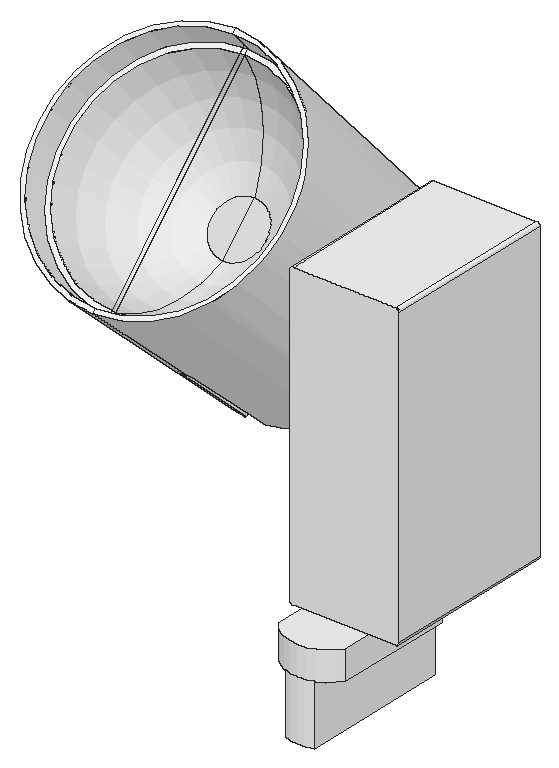
Revit family "0004927 Feilo Sylvania Lighting Fixture START TRACK SPOT L DALI 3306LM 930 MB WHT", category Lighting Fixtures, host Face, Revit 2017
Family settings
  Host = Face
  Round Connector Dimension = Use Diameter
  Part Type = Normal
  OmniClass Number = 23.80.70.00
  OmniClass Title = Lighting
  Cut with Voids When Loaded = No
  Light Source = No
  Shared = No
  Room Calculation Point = No
Parameters (values of type "0004927 START TRACK SPOT L DALI 3306LM 930 MB WHT")
  Weight = "1.368 kg"
  Wattage Comments = ""
  WarrantyStartDate [instance] = "n/a"
  WarrantyGuarantorParts = "n/a"
  WarrantyDurationUnit = "n/a"
  WarrantyDurationParts = "n/a"
  WarrantyDescription = "n/a"
  Voltage = 230 V
  URL = "http://www.sylvania-lighting.com/"
  TypeName = "START TRACK SPOT L DALI 3306LM 930 MB WHT"
  TypeHead_FEILO = Start Track Spot Head : 0004866 START TRACK SPOT L 35W 3K RA90 MB WHITE
  TypeBox_FEILO = Start Track Spot Box : Type Large White
  Type Image = <None>
  Type Comments = "n/a"
  VerticalRotation_FEILO [instance] = 0.00°
  SlideEndAngle_FEILO [instance] = VerticalRotation_FEILO + 180.00°  # 180.00°
  SerialNumber [instance] = "n/a"
  Material_3_FEILO = none
  PowerFactor = 0.93
  PowerConsumption = "35 W"
  NominalLength = 0 mm
  NominalHeight = 240 mm
  NominalDepth = 164 mm
  Name = "START TRACK SPOT L DALI 3306LM 930 MB WHT"
  ModelReference = Name  # "START TRACK SPOT L DALI 3306LM 930 MB WHT"
  ModelNumber = "0004927"
  Model = Name  # "START TRACK SPOT L DALI 3306LM 930 MB WHT"
  Material = "adc12 aluminium housing, polycarbonate diffuser"
  ManufacturerName = "Feilo Sylvania"
  Manufacturer = "Feilo Sylvania"
  LuminousEfficacy = "94 lm/W"
  LuminaireType = ""
  LightOutputRatio = "100"
  LampsType = Lamp  # "LED"
  LampNominalLuminous = "3306 lm"
  LampMacAdamStep = "3"
  LampColourTemperature = "3000 K"
  LampColourRenderingIndex = "90"
  Lamp = "LED"
  Keynote = "16500"
  InstallationDate [instance] = "n/a"
  InputVoltage = "230-240V~"
  InputNominalFrequency = "50/60 Hz"
  IngressProtection = "IP20"
  ImpactProtectionIndex = "IK02"
  IfcExportType = "IfcLightFixtureType"
  IfcExportAs = "IfcLightFixtureType"
  HorizontalRotation_FEILO [instance] = 45.00°
  ExpectedLife = 50000
  ElectricShockClassification = "Class II"
  DurationUnit = "hours"
  DocumentationLiterature = "http://www.sylvania-lighting.com/product/en-int/products/0004866"
  DimmingControlOptions = "Dimmable"
  Material_2_FEILO = none
  Description = "Integrated LED spotlight, Textured White - RAL9016, compact and minimalist design, ideal for retail applications, die-cast aluminium body, passive cooling heatsink. Beam angle: 38°, color temperature: 3000K , total system power: 35W, total fixture output: 3306 lm, LOR: 100%, colour rendering: Ra: 90 typical, LED Chromaticity: 3 step MacAdam ellipse, lifetime: >50000 hours at L70B50, energy class: A++, A+, A, IR/UV free light source without heat radiation, operating voltage: 220-240V / 50-60Hz, drive current: 900mA, electronic driver, non-dimmable, power factor: 0.93, electrical protection: Class II, Global Track 3 Phase adapter suitable for Global trac 3-circuit tracks, ingress protection rating: IP20, suitable for internal environment only, horizontal rotation: 355°, vertical tilt: 90°, dimensions: Ø113x164x240, weight: 1.368kg."
  Default Elevation = 1219.2 mm
  CreatedOn = "04/26/2018"
  CreatedBy = ""
  Cost = 0
  built-in parameter 1114216 [instance] = (empty or 0)
  ClassificationValue = "EF_70_80"
  ClassificationName = "Uniclass2015"
  Material_1_FEILO = Body-Sylvania-StartTrackSpot-White
  BarCode [instance] = "n/a"
  AssetType = "Fixed"
  AssetIdentifier [instance] = "n/a"
  Assembly Code = "D5020200"
  Apparent Load = 35 VA
  Material_4_FEILO = none
Reference planes
  plane 1 "Center (Front/Back)": y = 0
  plane 2: z = 0
  plane 3 "Center (Left/Right)": x = 0
  plane 4: x = 15
  plane 5: x = -15
  plane 6: y = 35
  plane 7: y = -35
  plane 8: z = 13
  plane 9: z = -27
  plane 10: x = 6.5
  plane 11: x = -6.5
  plane 12: y = 27
  plane 13: y = -27
  plane 14: y = 20
Forms (mm)
  Extrusion 1, solid, material "Body-Sylvania-StartTrackSpot-White" <- "Material_1_FEILO"
    sketch origin (0, 0, 0) x (1, 0, 0) y (0, 1, 0)
      loop
        line (-15, 27) -> (-15, -27)
        arc (-15, -27) -> (0, -35) -> (15, -27) r 18.062
        line (15, -27) -> (15, 27)
        arc (15, 27) -> (0, 35) -> (-15, 27) r 18.062
    from 0 to 13
  Extrusion 2, solid, material "Body-Sylvania-StartTrackSpot-White" <- "Material_1_FEILO"
    sketch origin (0, 0, 0) x (1, 0, 0) y (0, 1, 0)
      loop
        arc (6.5, 33.79) -> (0, 35) -> (-6.5, 33.79) r 18.062
        line (-6.5, 33.79) -> (-6.5, -33.79)
        arc (-6.5, -33.79) -> (0, -35) -> (6.5, -33.79) r 18.062
        line (6.5, -33.79) -> (6.5, 33.79)
    from 0 to -27
  Revolve 3, solid, not visible
    sketch origin (1524, 20, 1219.2) x (1, 0, 0) y (0, 0, 1)
      loop
        line (-1524, -1206.2) -> (-1524, -1191.285) -> (-1530.5, -1191.285) -> (-1530.5, -1206.2) -> (-1524, -1206.2)
      axis (-1524, -1191.285) -> (-1524, -1206.2)
    angle from 0 <- "VerticalRotation_FEILO" to 180 <- "SlideEndAngle_FEILO"
Cuts and joins
  joined: Extrusion 1, Extrusion 2
Dimensions and locks
  equal spacing: plane 10, plane 3 "Center (Left/Right)", plane 11
  equal spacing: plane 4, plane 3 "Center (Left/Right)", plane 5
  locked: plane 8 to plane 2 at 13
  locked: plane 8 to plane 9 at 40
  equal spacing: plane 13, plane 1 "Center (Front/Back)", plane 12
  locked: plane 12 to plane 6 at 8
  locked: plane 14 to plane 6 at 15
  locked: Revolve 3 sketch curve to plane 8 at 14.915
  aligned and locked: plane 2 to host face
  aligned and locked: level to host face
  aligned and locked: plane 5 to Extrusion 1 sketch curve  (x2)
  aligned and locked: plane 12 to Extrusion 1 sketch curve
  aligned and locked: plane 13 to Extrusion 1 sketch curve
  aligned and locked: plane 4 to Extrusion 1 sketch curve
  aligned and locked: Extrusion 1 to plane 8
  aligned and locked: Extrusion 1 to level
  aligned and locked: Extrusion 2 sketch curve to Extrusion 1  (x2)
  aligned and locked: Extrusion 2 sketch curve to plane 11
  aligned and locked: plane 10 to Extrusion 2 sketch curve
  aligned and locked: plane 9 to Extrusion 2
  aligned and locked: level to Extrusion 2
  aligned and locked: Revolve 3 sketch curve to plane 3 "Center (Left/Right)"  (x2)
  aligned and locked: plane 11 to Revolve 3 sketch curve
  aligned and locked: Revolve 3 sketch curve to plane 8
Automatic sketch dimensions
  host sketch curve to host sketch curve = 2438.4 mm  (x2)
  Extrusion 1 sketch curve to plane 3 "Center (Left/Right)" = 0 mm  (x2)
  Extrusion 1 sketch curve to plane 13 = 10.062 mm
  plane 12 to Extrusion 1 sketch curve = 10.062 mm
  Revolve 3 sketch curve to plane 3 "Center (Left/Right)" = 0 mm
  plane 9 to Revolve 3 sketch curve = 582.6 mm
  Revolve 3 sketch curve to Revolve 3 sketch curve = 2581.144 mm
Nested families
  nested 1: "Start Track Spot Head" at (-75.5, 20, 133) x (0, 0.7071, 0.7071) z (0, 0.7071, -0.7071), type <- "TypeHead_FEILO", type "0004866 START TRACK SPOT L 35W 3K RA90 MB WHITE"
    with built-in parameter 1114216 (empty or 0)
  nested 2: "Start Track Spot Box" at (8.5, 20, 85) x (-1, 0, 0) z (0, -1, 0), BoxStartAngle_FEILO <- "HorizontalRotation_FEILO", type <- "TypeBox_FEILO", type "Type Large White"
    with BoxStartAngle_FEILO 45.00°, BoxEndAngle_FEILO -135.00°
Connectors
  electrical at (0, 0, 0), driven by "Apparent Load", driven by "PowerFactor", driven by "Voltage"
    settings: index 1, voltage 230 V, apparent load 35 VA, apparent load phase1 0 VA, apparent load phase2 0 VA, apparent load phase3 0 VA, power factor 0.93, load classification "Lighting", number of poles 1, system type 30, power factor state 1, is connector primary yes, connector utility no, sub classification motor no, connector description ""
Definition of nested family "Start Track Spot Head"
  Parameters (values of type "0004811 START TRACK SPOT S 14W 3K RA80 NB WHITE")
    Wattage Comments = "n/a"
    Wattage = 14 W
    built-in parameter 1150110 = 1 (stored number, unit not read)
    URL = "http://www.feilosylvania.com"
    Type Image = (empty or 0)
    Type Comments = "n/a"
    built-in parameter 1114217 = 1 (stored number, unit not read)
    Tilt Angle = -90.00°
    built-in parameter 1150109 = 1 (stored number, unit not read)
    built-in parameter 1150134 = (empty or 0)
    built-in parameter 1150113 = 1 (stored number, unit not read)
    Photometric Web File = "0004811.ies"
    Material_3_FEILO = none
    Model = "START TRACK SPOT S 14W 3K RA80 NB WHITE"
    Manufacturer = "Feilo Sylvania"
    built-in parameter 1150105 = 123.66 (stored number, unit not read)
    Lumens = 1554 lm
    built-in parameter 1150115 = 1 (stored number, unit not read)
    built-in parameter 1150137 = (empty or 0)
    built-in parameter 1150139 = (empty or 0)
    built-in parameter 1150112 = 1 (stored number, unit not read)
    built-in parameter 1150114 = 1 (stored number, unit not read)
    Lamp = "LED"
    Keynote = "16500"
    Material_2_FEILO = none
    built-in parameter 1150132 = (empty or 0)
    built-in parameter 1150102 = (empty or 0)
    built-in parameter 1150107 = 3000 (stored number, unit not read)
    built-in parameter 1150138 = (empty or 0)
    built-in parameter 1150106 = 1.2366 (stored number, unit not read)
    HeadThickness_FEILO = if(HeadDiaOut_FEILO > 112 mm, 2 mm, 1.5 mm)  # 1.5 mm
    HeadRibOffset_FEILO = HeadHeight_FEILO / 28  # 4.179 mm
    HeadRibDepth_FEILO = HeadHeight_FEILO / 2.1  # 55.714 mm
    HeadRibCutWidth_FEILO = HeadDiaOut_FEILO / 12  # 7.167 mm
    HeadRibCutOffset_FEILO = HeadHeight_FEILO / 2.3  # 50.87 mm
    HeadReflectorRadius_FEILO = HeadDiaOut_FEILO / 1.7  # 50.588 mm
    HeadReflectorOffset_FEILO = HeadHeight_FEILO / 2.1  # 55.714 mm
    HeadLEDRadius_FEILO = HeadDiaOut_FEILO / 9  # 9.556 mm
    HeadHeight_FEILO = 117 mm
    HeadDraft_FEILO = 1 mm
    HeadDiffusorThickness_FEILO = 3 mm
    HeadDiffusorOffset_FEILO = HeadHeight_FEILO / 12.4  # 9.435 mm
    HeadDiaOut_FEILO = 86 mm
    HeadDiaIn_FEILO = HeadDiaOut_FEILO / 1.11  # 77.477 mm
    HeadAxisFromTop_FEILO = HeadHeight_FEILO / 1.687  # 69.354 mm
    Emit from Circle Diameter = HeadDiaIn_FEILO  # 77.477 mm
    Emit Shape Visible in Rendering = no
    built-in parameter 1150104 = 10.312 (stored number, unit not read)
    Dimming Lamp Color Temperature Shift = (empty or 0)
    Description = "Integrated LED spotlight, Textured White - RAL9016, compact and minimalist design, ideal for retail applications, die-cast aluminium body, passive cooling heatsink. Beam angle: 12°, color temperature: 3000K , total system power: 14W, total fixture output: 1551 lm, LOR: 100%, colour rendering: Ra: 80 typical, LED Chromaticity: 3 step MacAdam ellipse, lifetime: >50000 hours at L70B50, energy class: A++, A+, A, IR/UV free light source without heat radiation, operating voltage: 220-240V / 50-60Hz, drive current: 350mA, electronic driver, non-dimmable, power factor: 0.92, electrical protection: Class II, Global Track 3 Phase adapter suitable for Global trac 3-circuit tracks, ingress protection rating: IP20, suitable for internal environment only, horizontal rotation: 355°, vertical tilt: 90°, dimensions: Ø86x140x200, weight: 0.940kg."
    Default Elevation = 1219.2 mm
    Cost = 0
    Color Filter = 16777215
    built-in parameter 1114216 [instance] = (empty or 0)
    Material_1_FEILO = none
    built-in parameter 1114218 = 1 (stored number, unit not read)
    built-in parameter 1150133 = 10 (stored number, unit not read)
    Assembly Code = "D5020200"
    Apparent Load = 14 VA
    Material_4_FEILO = none
  Types (96, lengths in mm): name | Wattage | built-in parameter 1150134 | Photometric Web File | Model | built-in parameter 1150105 | Lumens | built-in parameter 1150107 | built-in parameter 1150106 | HeadThickness_FEILO | HeadRibOffset_FEILO | HeadRibDepth_FEILO | HeadRibCutWidth_FEILO | HeadRibCutOffset_FEILO | HeadReflectorRadius_FEILO | HeadReflectorOffset_FEILO | HeadLEDRadius_FEILO | HeadHeight_FEILO | HeadDiffusorOffset_FEILO | HeadDiaOut_FEILO | HeadDiaIn_FEILO | HeadAxisFromTop_FEILO | Emit from Circle Diameter | built-in parameter 1150104 | Description | Apparent Load
    0004906 START TRACK SPOT L 55W 4K RA90 WB BLACK | 55 W | 12 | "0004906.ies" | "START TRACK SPOT L 55W 4K RA90 WB BLACK" | 385.15 (stored number, unit not read) | 4840 lm | 4000 (stored number, unit not read) | 3.8515 (stored number, unit not read) | 2 | 4.429 | 59.048 | 9.417 | 53.913 | 66.471 | 59.048 | 12.556 | 124 | 10 | 113 | 101.802 | 73.503 | 101.802 | 8.1755 (stored number, unit not read) | "Integrated LED spotlight, Textured Black - RAL9005, compact and minimalist design, ideal for retail applications, die-cast aluminium body, passive cooling heatsink. Beam angle: 52°, color temperature: 4000K , total system power: 55W, total fixture output: 4824 lm, LOR: 100%, colour rendering: Ra: 90 typical, LED Chromaticity: 3 step MacAdam ellipse, lifetime: >50000 hours at L70B50, energy class: A++, A+, A, IR/UV free light source without heat radiation, operating voltage: 220-240V / 50-60Hz, drive current: 1400mA, electronic driver, non-dimmable, power factor: 0.96, electrical protection: Class II, Global Track 3 Phase adapter suitable for Global trac 3-circuit tracks, ingress protection rating: IP20, suitable for internal environment only, horizontal rotation: 355°, vertical tilt: 90°, dimensions: Ø113x164x240, weight: 1.398kg." | 55 VA
    0004905 START TRACK SPOT L 55W 4K RA90 MB BLACK | 55 W | 12 | "0004905.ies" | "START TRACK SPOT L 55W 4K RA90 MB BLACK" | 389.53 (stored number, unit not read) | 4895 lm | 4000 (stored number, unit not read) | 3.8953 (stored number, unit not read) | 2 | 4.429 | 59.048 | 9.417 | 53.913 | 66.471 | 59.048 | 12.556 | 124 | 10 | 113 | 101.802 | 73.503 | 101.802 | 8.2684 (stored number, unit not read) | "Integrated LED spotlight, Textured Black - RAL9005, compact and minimalist design, ideal for retail applications, die-cast aluminium body, passive cooling heatsink. Beam angle: 38°, color temperature: 4000K , total system power: 55W, total fixture output: 4897 lm, LOR: 100%, colour rendering: Ra: 90 typical, LED Chromaticity: 3 step MacAdam ellipse, lifetime: >50000 hours at L70B50, energy class: A++, A+, A, IR/UV free light source without heat radiation, operating voltage: 220-240V / 50-60Hz, drive current: 1400mA, electronic driver, non-dimmable, power factor: 0.96, electrical protection: Class II, Global Track 3 Phase adapter suitable for Global trac 3-circuit tracks, ingress protection rating: IP20, suitable for internal environment only, horizontal rotation: 355°, vertical tilt: 90°, dimensions: Ø113x164x240, weight: 1.398kg." | 55 VA
    0004904 START TRACK SPOT L 55W 4K RA90 NB BLACK | 55 W | 12 | "0004904.ies" | "START TRACK SPOT L 55W 4K RA90 NB BLACK" | 393.91 (stored number, unit not read) | 4950 lm | 4000 (stored number, unit not read) | 3.9391 (stored number, unit not read) | 2 | 4.429 | 59.048 | 9.417 | 53.913 | 66.471 | 59.048 | 12.556 | 124 | 10 | 113 | 101.802 | 73.503 | 101.802 | 8.3613 (stored number, unit not read) | "Integrated LED spotlight, Textured Black - RAL9005, compact and minimalist design, ideal for retail applications, die-cast aluminium body, passive cooling heatsink. Beam angle: 15°, color temperature: 4000K , total system power: 55W, total fixture output: 4965 lm, LOR: 100%, colour rendering: Ra: 90 typical, LED Chromaticity: 3 step MacAdam ellipse, lifetime: >50000 hours at L70B50, energy class: A++, A+, A, IR/UV free light source without heat radiation, operating voltage: 220-240V / 50-60Hz, drive current: 1400mA, electronic driver, non-dimmable, power factor: 0.96, electrical protection: Class II, Global Track 3 Phase adapter suitable for Global trac 3-circuit tracks, ingress protection rating: IP20, suitable for internal environment only, horizontal rotation: 355°, vertical tilt: 90°, dimensions: Ø113x164x240, weight: 1.398kg." | 55 VA
    0004903 START TRACK SPOT L 35W 4K RA90 WB BLACK | 35 W | 12 | "0004903.ies" | "START TRACK SPOT L 35W 4K RA90 WB BLACK" | 284.09 (stored number, unit not read) | 3570 lm | 4000 (stored number, unit not read) | 2.8409 (stored number, unit not read) | 2 | 4.429 | 59.048 | 9.417 | 53.913 | 66.471 | 59.048 | 12.556 | 124 | 10 | 113 | 101.802 | 73.503 | 101.802 | 9.4761 (stored number, unit not read) | "Integrated LED spotlight, Textured Black - RAL9005, compact and minimalist design, ideal for retail applications, die-cast aluminium body, passive cooling heatsink. Beam angle: 52°, color temperature: 4000K , total system power: 35W, total fixture output: 3562 lm, LOR: 100%, colour rendering: Ra: 90 typical, LED Chromaticity: 3 step MacAdam ellipse, lifetime: >50000 hours at L70B50, energy class: A++, A+, A, IR/UV free light source without heat radiation, operating voltage: 220-240V / 50-60Hz, drive current: 900mA, electronic driver, non-dimmable, power factor: 0.93, electrical protection: Class II, Global Track 3 Phase adapter suitable for Global trac 3-circuit tracks, ingress protection rating: IP20, suitable for internal environment only, horizontal rotation: 355°, vertical tilt: 90°, dimensions: Ø113x164x240, weight: 1.368kg." | 35 VA
    0004902 START TRACK SPOT L 35W 4K RA90 MB BLACK | 35 W | 12 | "0004902.ies" | "START TRACK SPOT L 35W 4K RA90 MB BLACK" | 286.88 (stored number, unit not read) | 3605 lm | 4000 (stored number, unit not read) | 2.8688 (stored number, unit not read) | 2 | 4.429 | 59.048 | 9.417 | 53.913 | 66.471 | 59.048 | 12.556 | 124 | 10 | 113 | 101.802 | 73.503 | 101.802 | 9.569 (stored number, unit not read) | "Integrated LED spotlight, Textured Black - RAL9005, compact and minimalist design, ideal for retail applications, die-cast aluminium body, passive cooling heatsink. Beam angle: 38°, color temperature: 4000K , total system power: 35W, total fixture output: 3616 lm, LOR: 100%, colour rendering: Ra: 90 typical, LED Chromaticity: 3 step MacAdam ellipse, lifetime: >50000 hours at L70B50, energy class: A++, A+, A, IR/UV free light source without heat radiation, operating voltage: 220-240V / 50-60Hz, drive current: 900mA, electronic driver, non-dimmable, power factor: 0.93, electrical protection: Class II, Global Track 3 Phase adapter suitable for Global trac 3-circuit tracks, ingress protection rating: IP20, suitable for internal environment only, horizontal rotation: 355°, vertical tilt: 90°, dimensions: Ø113x164x240, weight: 1.368kg." | 35 VA
    0004901 START TRACK SPOT L 35W 4K RA90 NB BLACK | 35 W | 12 | "0004901.ies" | "START TRACK SPOT L 35W 4K RA90 NB BLACK" | 286.88 (stored number, unit not read) | 3605 lm | 4000 (stored number, unit not read) | 2.8688 (stored number, unit not read) | 2 | 4.429 | 59.048 | 9.417 | 53.913 | 66.471 | 59.048 | 12.556 | 124 | 10 | 113 | 101.802 | 73.503 | 101.802 | 9.569 (stored number, unit not read) | "Integrated LED spotlight, Textured Black - RAL9005, compact and minimalist design, ideal for retail applications, die-cast aluminium body, passive cooling heatsink. Beam angle: 15°, color temperature: 4000K , total system power: 35W, total fixture output: 3593 lm, LOR: 100%, colour rendering: Ra: 90 typical, LED Chromaticity: 3 step MacAdam ellipse, lifetime: >50000 hours at L70B50, energy class: A++, A+, A, IR/UV free light source without heat radiation, operating voltage: 220-240V / 50-60Hz, drive current: 900mA, electronic driver, non-dimmable, power factor: 0.93, electrical protection: Class II, Global Track 3 Phase adapter suitable for Global trac 3-circuit tracks, ingress protection rating: IP20, suitable for internal environment only, horizontal rotation: 355°, vertical tilt: 90°, dimensions: Ø113x164x240, weight: 1.368kg." | 35 VA
    0004900 START TRACK SPOT S 24W 4K RA90 WB BLACK | 24 W | 12 | "0004900.ies" | "START TRACK SPOT S 24W 4K RA90 WB BLACK" | 166.16 (stored number, unit not read) | 2088 lm | 4000 (stored number, unit not read) | 1.6616 (stored number, unit not read) | 1.5 | 4.179 | 55.714 | 7.167 | 50.87 | 50.588 | 55.714 | 9.556 | 117 | 9.435 | 86 | 77.477 | 69.354 | 77.477 | 8.0826 (stored number, unit not read) | "Integrated LED spotlight, Textured Black - RAL9005, compact and minimalist design, ideal for retail applications, die-cast aluminium body, passive cooling heatsink. Beam angle: 64°, color temperature: 4000K , total system power: 24W, total fixture output: 2087 lm, LOR: 100%, colour rendering: Ra: 90 typical, LED Chromaticity: 3 step MacAdam ellipse, lifetime: >50000 hours at L70B50, energy class: A++, A+, A, IR/UV free light source without heat radiation, operating voltage: 220-240V / 50-60Hz, drive current: 600mA, electronic driver, non-dimmable, power factor: 0.95, electrical protection: Class II, Global Track 3 Phase adapter suitable for Global trac 3-circuit tracks, ingress protection rating: IP20, suitable for internal environment only, horizontal rotation: 355°, vertical tilt: 90°, dimensions: Ø86x140x200, weight: 0.966kg." | 24 VA
    0004899 START TRACK SPOT S 24W 4K RA90 MB BLACK | 24 W | 12 | "0004899.ies" | "START TRACK SPOT S 24W 4K RA90 MB BLACK" | 169.98 (stored number, unit not read) | 2136 lm | 4000 (stored number, unit not read) | 1.6998 (stored number, unit not read) | 1.5 | 4.179 | 55.714 | 7.167 | 50.87 | 50.588 | 55.714 | 9.556 | 117 | 9.435 | 86 | 77.477 | 69.354 | 77.477 | 8.2684 (stored number, unit not read) | "Integrated LED spotlight, Textured Black - RAL9005, compact and minimalist design, ideal for retail applications, die-cast aluminium body, passive cooling heatsink. Beam angle: 36°, color temperature: 4000K , total system power: 24W, total fixture output: 2141 lm, LOR: 100%, colour rendering: Ra: 90 typical, LED Chromaticity: 3 step MacAdam ellipse, lifetime: >50000 hours at L70B50, energy class: A++, A+, A, IR/UV free light source without heat radiation, operating voltage: 220-240V / 50-60Hz, drive current: 600mA, electronic driver, non-dimmable, power factor: 0.95, electrical protection: Class II, Global Track 3 Phase adapter suitable for Global trac 3-circuit tracks, ingress protection rating: IP20, suitable for internal environment only, horizontal rotation: 355°, vertical tilt: 90°, dimensions: Ø86x140x200, weight: 0.966kg." | 24 VA
    0004898 START TRACK SPOT S 24W 4K RA90 NB BLACK | 24 W | 12 | "0004898.ies" | "START TRACK SPOT S 24W 4K RA90 NB BLACK" | 171.89 (stored number, unit not read) | 2160 lm | 4000 (stored number, unit not read) | 1.7189 (stored number, unit not read) | 1.5 | 4.179 | 55.714 | 7.167 | 50.87 | 50.588 | 55.714 | 9.556 | 117 | 9.435 | 86 | 77.477 | 69.354 | 77.477 | 8.3613 (stored number, unit not read) | "Integrated LED spotlight, Textured Black - RAL9005, compact and minimalist design, ideal for retail applications, die-cast aluminium body, passive cooling heatsink. Beam angle: 12°, color temperature: 4000K , total system power: 24W, total fixture output: 2155 lm, LOR: 100%, colour rendering: Ra: 90 typical, LED Chromaticity: 3 step MacAdam ellipse, lifetime: >50000 hours at L70B50, energy class: A++, A+, A, IR/UV free light source without heat radiation, operating voltage: 220-240V / 50-60Hz, drive current: 600mA, electronic driver, non-dimmable, power factor: 0.95, electrical protection: Class II, Global Track 3 Phase adapter suitable for Global trac 3-circuit tracks, ingress protection rating: IP20, suitable for internal environment only, horizontal rotation: 355°, vertical tilt: 90°, dimensions: Ø86x140x200, weight: 0.966kg." | 24 VA
    0004897 START TRACK SPOT S 14W 4K RA90 WB BLACK | 14 W | 12 | "0004897.ies" | "START TRACK SPOT S 14W 4K RA90 WB BLACK" | 108.07 (stored number, unit not read) | 1358 lm | 4000 (stored number, unit not read) | 1.0807 (stored number, unit not read) | 1.5 | 4.179 | 55.714 | 7.167 | 50.87 | 50.588 | 55.714 | 9.556 | 117 | 9.435 | 86 | 77.477 | 69.354 | 77.477 | 9.0116 (stored number, unit not read) | "Integrated LED spotlight, Textured Black - RAL9005, compact and minimalist design, ideal for retail applications, die-cast aluminium body, passive cooling heatsink. Beam angle: 64°, color temperature: 4000K , total system power: 14W, total fixture output: 1352 lm, LOR: 100%, colour rendering: Ra: 90 typical, LED Chromaticity: 3 step MacAdam ellipse, lifetime: >50000 hours at L70B50, energy class: A++, A+, A, IR/UV free light source without heat radiation, operating voltage: 220-240V / 50-60Hz, drive current: 350mA, electronic driver, non-dimmable, power factor: 0.92, electrical protection: Class II, Global Track 3 Phase adapter suitable for Global trac 3-circuit tracks, ingress protection rating: IP20, suitable for internal environment only, horizontal rotation: 355°, vertical tilt: 90°, dimensions: Ø86x140x200, weight: 0.940kg." | 14 VA
    0004896 START TRACK SPOT S 14W 4K RA90 MB BLACK | 14 W | 12 | "0004896.ies" | "START TRACK SPOT S 14W 4K RA90 MB BLACK" | 108.07 (stored number, unit not read) | 1358 lm | 4000 (stored number, unit not read) | 1.0807 (stored number, unit not read) | 1.5 | 4.179 | 55.714 | 7.167 | 50.87 | 50.588 | 55.714 | 9.556 | 117 | 9.435 | 86 | 77.477 | 69.354 | 77.477 | 9.0116 (stored number, unit not read) | "Integrated LED spotlight, Textured Black - RAL9005, compact and minimalist design, ideal for retail applications, die-cast aluminium body, passive cooling heatsink. Beam angle: 36°, color temperature: 4000K , total system power: 14W, total fixture output: 1359 lm, LOR: 100%, colour rendering: Ra: 90 typical, LED Chromaticity: 3 step MacAdam ellipse, lifetime: >50000 hours at L70B50, energy class: A++, A+, A, IR/UV free light source without heat radiation, operating voltage: 220-240V / 50-60Hz, drive current: 350mA, electronic driver, non-dimmable, power factor: 0.92, electrical protection: Class II, Global Track 3 Phase adapter suitable for Global trac 3-circuit tracks, ingress protection rating: IP20, suitable for internal environment only, horizontal rotation: 355°, vertical tilt: 90°, dimensions: Ø86x140x200, weight: 0.940kg." | 14 VA
    0004895 START TRACK SPOT S 14W 4K RA90 NB BLACK | 14 W | 12 | "0004895.ies" | "START TRACK SPOT S 14W 4K RA90 NB BLACK" | 106.95 (stored number, unit not read) | 1344 lm | 4000 (stored number, unit not read) | 1.0695 (stored number, unit not read) | 1.5 | 4.179 | 55.714 | 7.167 | 50.87 | 50.588 | 55.714 | 9.556 | 117 | 9.435 | 86 | 77.477 | 69.354 | 77.477 | 8.9187 (stored number, unit not read) | "Integrated LED spotlight, Textured Black - RAL9005, compact and minimalist design, ideal for retail applications, die-cast aluminium body, passive cooling heatsink. Beam angle: 12°, color temperature: 4000K , total system power: 14W, total fixture output: 1349 lm, LOR: 100%, colour rendering: Ra: 90 typical, LED Chromaticity: 3 step MacAdam ellipse, lifetime: >50000 hours at L70B50, energy class: A++, A+, A, IR/UV free light source without heat radiation, operating voltage: 220-240V / 50-60Hz, drive current: 350mA, electronic driver, non-dimmable, power factor: 0.92, electrical protection: Class II, Global Track 3 Phase adapter suitable for Global trac 3-circuit tracks, ingress protection rating: IP20, suitable for internal environment only, horizontal rotation: 355°, vertical tilt: 90°, dimensions: Ø86x140x200, weight: 0.940kg." | 14 VA
    0004894 START TRACK SPOT L 55W 3K RA90 WB BLACK | 55 W | (empty or 0) | "0004894.ies" | "START TRACK SPOT L 55W 3K RA90 WB BLACK" | 350.14 (stored number, unit not read) | 4400 lm | 3000 (stored number, unit not read) | 3.5014 (stored number, unit not read) | 2 | 4.429 | 59.048 | 9.417 | 53.913 | 66.471 | 59.048 | 12.556 | 124 | 10 | 113 | 101.802 | 73.503 | 101.802 | 7.4322 (stored number, unit not read) | "Integrated LED spotlight, Textured Black - RAL9005, compact and minimalist design, ideal for retail applications, die-cast aluminium body, passive cooling heatsink. Beam angle: 52°, color temperature: 3000K , total system power: 55W, total fixture output: 4405 lm, LOR: 100%, colour rendering: Ra: 90 typical, LED Chromaticity: 3 step MacAdam ellipse, lifetime: >50000 hours at L70B50, energy class: A++, A+, A, IR/UV free light source without heat radiation, operating voltage: 220-240V / 50-60Hz, drive current: 1400mA, electronic driver, non-dimmable, power factor: 0.96, electrical protection: Class II, Global Track 3 Phase adapter suitable for Global trac 3-circuit tracks, ingress protection rating: IP20, suitable for internal environment only, horizontal rotation: 355°, vertical tilt: 90°, dimensions: Ø113x164x240, weight: 1.398kg." | 55 VA
    0004893 START TRACK SPOT L 55W 3K RA90 MB BLACK | 55 W | (empty or 0) | "0004893.ies" | "START TRACK SPOT L 55W 3K RA90 MB BLACK" | 354.52 (stored number, unit not read) | 4455 lm | 3000 (stored number, unit not read) | 3.5452 (stored number, unit not read) | 2 | 4.429 | 59.048 | 9.417 | 53.913 | 66.471 | 59.048 | 12.556 | 124 | 10 | 113 | 101.802 | 73.503 | 101.802 | 7.5251 (stored number, unit not read) | "Integrated LED spotlight, Textured Black - RAL9005, compact and minimalist design, ideal for retail applications, die-cast aluminium body, passive cooling heatsink. Beam angle: 38°, color temperature: 3000K , total system power: 55W, total fixture output: 4448 lm, LOR: 100%, colour rendering: Ra: 90 typical, LED Chromaticity: 3 step MacAdam ellipse, lifetime: >50000 hours at L70B50, energy class: A++, A+, A, IR/UV free light source without heat radiation, operating voltage: 220-240V / 50-60Hz, drive current: 1400mA, electronic driver, non-dimmable, power factor: 0.96, electrical protection: Class II, Global Track 3 Phase adapter suitable for Global trac 3-circuit tracks, ingress protection rating: IP20, suitable for internal environment only, horizontal rotation: 355°, vertical tilt: 90°, dimensions: Ø113x164x240, weight: 1.398kg." | 55 VA
    0004892 START TRACK SPOT L 55W 3K RA90 NB BLACK | 55 W | (empty or 0) | "0004892.ies" | "START TRACK SPOT L 55W 3K RA90 NB BLACK" | 350.14 (stored number, unit not read) | 4400 lm | 3000 (stored number, unit not read) | 3.5014 (stored number, unit not read) | 2 | 4.429 | 59.048 | 9.417 | 53.913 | 66.471 | 59.048 | 12.556 | 124 | 10 | 113 | 101.802 | 73.503 | 101.802 | 7.4322 (stored number, unit not read) | "Integrated LED spotlight, Textured Black - RAL9005, compact and minimalist design, ideal for retail applications, die-cast aluminium body, passive cooling heatsink. Beam angle: 15°, color temperature: 3000K , total system power: 55W, total fixture output: 4416 lm, LOR: 100%, colour rendering: Ra: 90 typical, LED Chromaticity: 3 step MacAdam ellipse, lifetime: >50000 hours at L70B50, energy class: A++, A+, A, IR/UV free light source without heat radiation, operating voltage: 220-240V / 50-60Hz, drive current: 1400mA, electronic driver, non-dimmable, power factor: 0.96, electrical protection: Class II, Global Track 3 Phase adapter suitable for Global trac 3-circuit tracks, ingress protection rating: IP20, suitable for internal environment only, horizontal rotation: 355°, vertical tilt: 90°, dimensions: Ø113x164x240, weight: 1.398kg." | 55 VA
    0004891 START TRACK SPOT L 35W 3K RA90 WB BLACK | 35 W | (empty or 0) | "0004891.ies" | "START TRACK SPOT L 35W 3K RA90 WB BLACK" | 259.02 (stored number, unit not read) | 3255 lm | 3000 (stored number, unit not read) | 2.5902 (stored number, unit not read) | 2 | 4.429 | 59.048 | 9.417 | 53.913 | 66.471 | 59.048 | 12.556 | 124 | 10 | 113 | 101.802 | 73.503 | 101.802 | 8.64 (stored number, unit not read) | "Integrated LED spotlight, Textured Black - RAL9005, compact and minimalist design, ideal for retail applications, die-cast aluminium body, passive cooling heatsink. Beam angle: 52°, color temperature: 3000K , total system power: 35W, total fixture output: 3260 lm, LOR: 100%, colour rendering: Ra: 90 typical, LED Chromaticity: 3 step MacAdam ellipse, lifetime: >50000 hours at L70B50, energy class: A++, A+, A, IR/UV free light source without heat radiation, operating voltage: 220-240V / 50-60Hz, drive current: 900mA, electronic driver, non-dimmable, power factor: 0.93, electrical protection: Class II, Global Track 3 Phase adapter suitable for Global trac 3-circuit tracks, ingress protection rating: IP20, suitable for internal environment only, horizontal rotation: 355°, vertical tilt: 90°, dimensions: Ø113x164x240, weight: 1.368kg." | 35 VA
    0004890 START TRACK SPOT L 35W 3K RA90 MB BLACK | 35 W | (empty or 0) | "0004890.ies" | "START TRACK SPOT L 35W 3K RA90 MB BLACK" | 261.81 (stored number, unit not read) | 3290 lm | 3000 (stored number, unit not read) | 2.6181 (stored number, unit not read) | 2 | 4.429 | 59.048 | 9.417 | 53.913 | 66.471 | 59.048 | 12.556 | 124 | 10 | 113 | 101.802 | 73.503 | 101.802 | 8.7329 (stored number, unit not read) | "Integrated LED spotlight, Textured Black - RAL9005, compact and minimalist design, ideal for retail applications, die-cast aluminium body, passive cooling heatsink. Beam angle: 38°, color temperature: 3000K , total system power: 35W, total fixture output: 3306 lm, LOR: 100%, colour rendering: Ra: 90 typical, LED Chromaticity: 3 step MacAdam ellipse, lifetime: >50000 hours at L70B50, energy class: A++, A+, A, IR/UV free light source without heat radiation, operating voltage: 220-240V / 50-60Hz, drive current: 900mA, electronic driver, non-dimmable, power factor: 0.93, electrical protection: Class II, Global Track 3 Phase adapter suitable for Global trac 3-circuit tracks, ingress protection rating: IP20, suitable for internal environment only, horizontal rotation: 355°, vertical tilt: 90°, dimensions: Ø113x164x240, weight: 1.368kg." | 35 VA
    0004889 START TRACK SPOT L 35W 3K RA90 NB BLACK | 35 W | (empty or 0) | "0004889.ies" | "START TRACK SPOT L 35W 3K RA90 NB BLACK" | 261.81 (stored number, unit not read) | 3290 lm | 3000 (stored number, unit not read) | 2.6181 (stored number, unit not read) | 2 | 4.429 | 59.048 | 9.417 | 53.913 | 66.471 | 59.048 | 12.556 | 124 | 10 | 113 | 101.802 | 73.503 | 101.802 | 8.7329 (stored number, unit not read) | "Integrated LED spotlight, Textured Black - RAL9005, compact and minimalist design, ideal for retail applications, die-cast aluminium body, passive cooling heatsink. Beam angle: 15°, color temperature: 3000K , total system power: 35W, total fixture output: 3287 lm, LOR: 100%, colour rendering: Ra: 90 typical, LED Chromaticity: 3 step MacAdam ellipse, lifetime: >50000 hours at L70B50, energy class: A++, A+, A, IR/UV free light source without heat radiation, operating voltage: 220-240V / 50-60Hz, drive current: 900mA, electronic driver, non-dimmable, power factor: 0.93, electrical protection: Class II, Global Track 3 Phase adapter suitable for Global trac 3-circuit tracks, ingress protection rating: IP20, suitable for internal environment only, horizontal rotation: 355°, vertical tilt: 90°, dimensions: Ø113x164x240, weight: 1.368kg." | 35 VA
    0004888 START TRACK SPOT S 24W 3K RA90 WB BLACK | 24 W | (empty or 0) | "0004888.ies" | "START TRACK SPOT S 24W 3K RA90 WB BLACK" | 152.79 (stored number, unit not read) | 1920 lm | 3000 (stored number, unit not read) | 1.5279 (stored number, unit not read) | 1.5 | 4.179 | 55.714 | 7.167 | 50.87 | 50.588 | 55.714 | 9.556 | 117 | 9.435 | 86 | 77.477 | 69.354 | 77.477 | 7.4322 (stored number, unit not read) | "Integrated LED spotlight, Textured Black - RAL9005, compact and minimalist design, ideal for retail applications, die-cast aluminium body, passive cooling heatsink. Beam angle: 64°, color temperature: 3000K , total system power: 24W, total fixture output: 1928 lm, LOR: 100%, colour rendering: Ra: 90 typical, LED Chromaticity: 3 step MacAdam ellipse, lifetime: >50000 hours at L70B50, energy class: A++, A+, A, IR/UV free light source without heat radiation, operating voltage: 220-240V / 50-60Hz, drive current: 600mA, electronic driver, non-dimmable, power factor: 0.95, electrical protection: Class II, Global Track 3 Phase adapter suitable for Global trac 3-circuit tracks, ingress protection rating: IP20, suitable for internal environment only, horizontal rotation: 355°, vertical tilt: 90°, dimensions: Ø86x140x200, weight: 0.966kg." | 24 VA
    0004887 START TRACK SPOT S 24W 3K RA90 MB BLACK | 24 W | (empty or 0) | "0004887.ies" | "START TRACK SPOT S 24W 3K RA90 MB BLACK" | 154.7 (stored number, unit not read) | 1944 lm | 3000 (stored number, unit not read) | 1.547 (stored number, unit not read) | 1.5 | 4.179 | 55.714 | 7.167 | 50.87 | 50.588 | 55.714 | 9.556 | 117 | 9.435 | 86 | 77.477 | 69.354 | 77.477 | 7.5251 (stored number, unit not read) | "Integrated LED spotlight, Textured Black - RAL9005, compact and minimalist design, ideal for retail applications, die-cast aluminium body, passive cooling heatsink. Beam angle: 36°, color temperature: 3000K , total system power: 24W, total fixture output: 1944 lm, LOR: 100%, colour rendering: Ra: 90 typical, LED Chromaticity: 3 step MacAdam ellipse, lifetime: >50000 hours at L70B50, energy class: A++, A+, A, IR/UV free light source without heat radiation, operating voltage: 220-240V / 50-60Hz, drive current: 600mA, electronic driver, non-dimmable, power factor: 0.95, electrical protection: Class II, Global Track 3 Phase adapter suitable for Global trac 3-circuit tracks, ingress protection rating: IP20, suitable for internal environment only, horizontal rotation: 355°, vertical tilt: 90°, dimensions: Ø86x140x200, weight: 0.966kg." | 24 VA
    0004886 START TRACK SPOT S 24W 3K RA90 NB BLACK | 24 W | (empty or 0) | "0004886.ies" | "START TRACK SPOT S 24W 3K RA90 NB BLACK" | 158.52 (stored number, unit not read) | 1992 lm | 3000 (stored number, unit not read) | 1.5852 (stored number, unit not read) | 1.5 | 4.179 | 55.714 | 7.167 | 50.87 | 50.588 | 55.714 | 9.556 | 117 | 9.435 | 86 | 77.477 | 69.354 | 77.477 | 7.711 (stored number, unit not read) | "Integrated LED spotlight, Textured Black - RAL9005, compact and minimalist design, ideal for retail applications, die-cast aluminium body, passive cooling heatsink. Beam angle: 12°, color temperature: 3000K , total system power: 24W, total fixture output: 1987 lm, LOR: 100%, colour rendering: Ra: 90 typical, LED Chromaticity: 3 step MacAdam ellipse, lifetime: >50000 hours at L70B50, energy class: A++, A+, A, IR/UV free light source without heat radiation, operating voltage: 220-240V / 50-60Hz, drive current: 600mA, electronic driver, non-dimmable, power factor: 0.95, electrical protection: Class II, Global Track 3 Phase adapter suitable for Global trac 3-circuit tracks, ingress protection rating: IP20, suitable for internal environment only, horizontal rotation: 355°, vertical tilt: 90°, dimensions: Ø86x140x200, weight: 0.966kg." | 24 VA
    0004885 START TRACK SPOT S 14W 3K RA90 WB BLACK | 14 W | (empty or 0) | "0004885.ies" | "START TRACK SPOT S 14W 3K RA90 WB BLACK" | 100.27 (stored number, unit not read) | 1260 lm | 3000 (stored number, unit not read) | 1.0027 (stored number, unit not read) | 1.5 | 4.179 | 55.714 | 7.167 | 50.87 | 50.588 | 55.714 | 9.556 | 117 | 9.435 | 86 | 77.477 | 69.354 | 77.477 | 8.3613 (stored number, unit not read) | "Integrated LED spotlight, Textured Black - RAL9005, compact and minimalist design, ideal for retail applications, die-cast aluminium body, passive cooling heatsink. Beam angle: 64°, color temperature: 3000K , total system power: 14W, total fixture output: 1262 lm, LOR: 100%, colour rendering: Ra: 90 typical, LED Chromaticity: 3 step MacAdam ellipse, lifetime: >50000 hours at L70B50, energy class: A++, A+, A, IR/UV free light source without heat radiation, operating voltage: 220-240V / 50-60Hz, drive current: 350mA, electronic driver, non-dimmable, power factor: 0.92, electrical protection: Class II, Global Track 3 Phase adapter suitable for Global trac 3-circuit tracks, ingress protection rating: IP20, suitable for internal environment only, horizontal rotation: 355°, vertical tilt: 90°, dimensions: Ø86x140x200, weight: 0.940kg." | 14 VA
    0004884 START TRACK SPOT S 14W 3K RA90 MB BLACK | 14 W | (empty or 0) | "0004884.ies" | "START TRACK SPOT S 14W 3K RA90 MB BLACK" | 100.27 (stored number, unit not read) | 1260 lm | 3000 (stored number, unit not read) | 1.0027 (stored number, unit not read) | 1.5 | 4.179 | 55.714 | 7.167 | 50.87 | 50.588 | 55.714 | 9.556 | 117 | 9.435 | 86 | 77.477 | 69.354 | 77.477 | 8.3613 (stored number, unit not read) | "Integrated LED spotlight, Textured Black - RAL9005, compact and minimalist design, ideal for retail applications, die-cast aluminium body, passive cooling heatsink. Beam angle: 36°, color temperature: 3000K , total system power: 14W, total fixture output: 1262 lm, LOR: 100%, colour rendering: Ra: 90 typical, LED Chromaticity: 3 step MacAdam ellipse, lifetime: >50000 hours at L70B50, energy class: A++, A+, A, IR/UV free light source without heat radiation, operating voltage: 220-240V / 50-60Hz, drive current: 350mA, electronic driver, non-dimmable, power factor: 0.92, electrical protection: Class II, Global Track 3 Phase adapter suitable for Global trac 3-circuit tracks, ingress protection rating: IP20, suitable for internal environment only, horizontal rotation: 355°, vertical tilt: 90°, dimensions: Ø86x140x200, weight: 0.940kg." | 14 VA
    0004883 START TRACK SPOT S 14W 3K RA90 NB BLACK | 14 W | (empty or 0) | "0004883.ies" | "START TRACK SPOT S 14W 3K RA90 NB BLACK" | 102.5 (stored number, unit not read) | 1288 lm | 3000 (stored number, unit not read) | 1.025 (stored number, unit not read) | 1.5 | 4.179 | 55.714 | 7.167 | 50.87 | 50.588 | 55.714 | 9.556 | 117 | 9.435 | 86 | 77.477 | 69.354 | 77.477 | 8.5471 (stored number, unit not read) | "Integrated LED spotlight, Textured Black - RAL9005, compact and minimalist design, ideal for retail applications, die-cast aluminium body, passive cooling heatsink. Beam angle: 12°, color temperature: 3000K , total system power: 14W, total fixture output: 1284 lm, LOR: 100%, colour rendering: Ra: 90 typical, LED Chromaticity: 3 step MacAdam ellipse, lifetime: >50000 hours at L70B50, energy class: A++, A+, A, IR/UV free light source without heat radiation, operating voltage: 220-240V / 50-60Hz, drive current: 350mA, electronic driver, non-dimmable, power factor: 0.92, electrical protection: Class II, Global Track 3 Phase adapter suitable for Global trac 3-circuit tracks, ingress protection rating: IP20, suitable for internal environment only, horizontal rotation: 355°, vertical tilt: 90°, dimensions: Ø86x140x200, weight: 0.940kg." | 14 VA
    0004882 START TRACK SPOT L 55W 4K RA90 WB WHITE | 55 W | 12 | "0004882.ies" | "START TRACK SPOT L 55W 4K RA90 WB WHITE" | 385.15 (stored number, unit not read) | 4840 lm | 4000 (stored number, unit not read) | 3.8515 (stored number, unit not read) | 2 | 4.429 | 59.048 | 9.417 | 53.913 | 66.471 | 59.048 | 12.556 | 124 | 10 | 113 | 101.802 | 73.503 | 101.802 | 8.1755 (stored number, unit not read) | "Integrated LED spotlight, Textured White - RAL9016, compact and minimalist design, ideal for retail applications, die-cast aluminium body, passive cooling heatsink. Beam angle: 52°, color temperature: 4000K , total system power: 55W, total fixture output: 4824 lm, LOR: 100%, colour rendering: Ra: 90 typical, LED Chromaticity: 3 step MacAdam ellipse, lifetime: >50000 hours at L70B50, energy class: A++, A+, A, IR/UV free light source without heat radiation, operating voltage: 220-240V / 50-60Hz, drive current: 1400mA, electronic driver, non-dimmable, power factor: 0.96, electrical protection: Class II, Global Track 3 Phase adapter suitable for Global trac 3-circuit tracks, ingress protection rating: IP20, suitable for internal environment only, horizontal rotation: 355°, vertical tilt: 90°, dimensions: Ø113x164x240, weight: 1.398kg." | 55 VA
    0004881 START TRACK SPOT L 55W 4K RA90 MB WHITE | 55 W | 12 | "0004881.ies" | "START TRACK SPOT L 55W 4K RA90 MB WHITE" | 389.53 (stored number, unit not read) | 4895 lm | 4000 (stored number, unit not read) | 3.8953 (stored number, unit not read) | 2 | 4.429 | 59.048 | 9.417 | 53.913 | 66.471 | 59.048 | 12.556 | 124 | 10 | 113 | 101.802 | 73.503 | 101.802 | 8.2684 (stored number, unit not read) | "Integrated LED spotlight, Textured White - RAL9016, compact and minimalist design, ideal for retail applications, die-cast aluminium body, passive cooling heatsink. Beam angle: 38°, color temperature: 4000K , total system power: 55W, total fixture output: 4897 lm, LOR: 100%, colour rendering: Ra: 90 typical, LED Chromaticity: 3 step MacAdam ellipse, lifetime: >50000 hours at L70B50, energy class: A++, A+, A, IR/UV free light source without heat radiation, operating voltage: 220-240V / 50-60Hz, drive current: 1400mA, electronic driver, non-dimmable, power factor: 0.96, electrical protection: Class II, Global Track 3 Phase adapter suitable for Global trac 3-circuit tracks, ingress protection rating: IP20, suitable for internal environment only, horizontal rotation: 355°, vertical tilt: 90°, dimensions: Ø113x164x240, weight: 1.398kg." | 55 VA
    0004880 START TRACK SPOT L 55W 4K RA90 NB WHITE | 55 W | 12 | "0004880.ies" | "START TRACK SPOT L 55W 4K RA90 NB WHITE" | 393.91 (stored number, unit not read) | 4950 lm | 4000 (stored number, unit not read) | 3.9391 (stored number, unit not read) | 2 | 4.429 | 59.048 | 9.417 | 53.913 | 66.471 | 59.048 | 12.556 | 124 | 10 | 113 | 101.802 | 73.503 | 101.802 | 8.3613 (stored number, unit not read) | "Integrated LED spotlight, Textured White - RAL9016, compact and minimalist design, ideal for retail applications, die-cast aluminium body, passive cooling heatsink. Beam angle: 15°, color temperature: 4000K , total system power: 55W, total fixture output: 4965 lm, LOR: 100%, colour rendering: Ra: 90 typical, LED Chromaticity: 3 step MacAdam ellipse, lifetime: >50000 hours at L70B50, energy class: A++, A+, A, IR/UV free light source without heat radiation, operating voltage: 220-240V / 50-60Hz, drive current: 1400mA, electronic driver, non-dimmable, power factor: 0.96, electrical protection: Class II, Global Track 3 Phase adapter suitable for Global trac 3-circuit tracks, ingress protection rating: IP20, suitable for internal environment only, horizontal rotation: 355°, vertical tilt: 90°, dimensions: Ø113x164x240, weight: 1.398kg." | 55 VA
    0004879 START TRACK SPOT L 35W 4K RA90 WB WHITE | 35 W | 12 | "0004879.ies" | "START TRACK SPOT L 35W 4K RA90 WB WHITE" | 284.09 (stored number, unit not read) | 3570 lm | 4000 (stored number, unit not read) | 2.8409 (stored number, unit not read) | 2 | 4.429 | 59.048 | 9.417 | 53.913 | 66.471 | 59.048 | 12.556 | 124 | 10 | 113 | 101.802 | 73.503 | 101.802 | 9.4761 (stored number, unit not read) | "Integrated LED spotlight, Textured White - RAL9016, compact and minimalist design, ideal for retail applications, die-cast aluminium body, passive cooling heatsink. Beam angle: 52°, color temperature: 4000K , total system power: 35W, total fixture output: 3562 lm, LOR: 100%, colour rendering: Ra: 90 typical, LED Chromaticity: 3 step MacAdam ellipse, lifetime: >50000 hours at L70B50, energy class: A++, A+, A, IR/UV free light source without heat radiation, operating voltage: 220-240V / 50-60Hz, drive current: 900mA, electronic driver, non-dimmable, power factor: 0.93, electrical protection: Class II, Global Track 3 Phase adapter suitable for Global trac 3-circuit tracks, ingress protection rating: IP20, suitable for internal environment only, horizontal rotation: 355°, vertical tilt: 90°, dimensions: Ø113x164x240, weight: 1.368kg." | 35 VA
    0004878 START TRACK SPOT L 35W 4K RA90 MB WHITE | 35 W | 12 | "0004878.ies" | "START TRACK SPOT L 35W 4K RA90 MB WHITE" | 286.88 (stored number, unit not read) | 3605 lm | 4000 (stored number, unit not read) | 2.8688 (stored number, unit not read) | 2 | 4.429 | 59.048 | 9.417 | 53.913 | 66.471 | 59.048 | 12.556 | 124 | 10 | 113 | 101.802 | 73.503 | 101.802 | 9.569 (stored number, unit not read) | "Integrated LED spotlight, Textured White - RAL9016, compact and minimalist design, ideal for retail applications, die-cast aluminium body, passive cooling heatsink. Beam angle: 38°, color temperature: 4000K , total system power: 35W, total fixture output: 3616 lm, LOR: 100%, colour rendering: Ra: 90 typical, LED Chromaticity: 3 step MacAdam ellipse, lifetime: >50000 hours at L70B50, energy class: A++, A+, A, IR/UV free light source without heat radiation, operating voltage: 220-240V / 50-60Hz, drive current: 900mA, electronic driver, non-dimmable, power factor: 0.93, electrical protection: Class II, Global Track 3 Phase adapter suitable for Global trac 3-circuit tracks, ingress protection rating: IP20, suitable for internal environment only, horizontal rotation: 355°, vertical tilt: 90°, dimensions: Ø113x164x240, weight: 1.368kg." | 35 VA
    0004877 START TRACK SPOT L 35W 4K RA90 NB WHITE | 35 W | 12 | "0004877.ies" | "START TRACK SPOT L 35W 4K RA90 NB WHITE" | 286.88 (stored number, unit not read) | 3605 lm | 4000 (stored number, unit not read) | 2.8688 (stored number, unit not read) | 2 | 4.429 | 59.048 | 9.417 | 53.913 | 66.471 | 59.048 | 12.556 | 124 | 10 | 113 | 101.802 | 73.503 | 101.802 | 9.569 (stored number, unit not read) | "Integrated LED spotlight, Textured White - RAL9016, compact and minimalist design, ideal for retail applications, die-cast aluminium body, passive cooling heatsink. Beam angle: 15°, color temperature: 4000K , total system power: 35W, total fixture output: 3593 lm, LOR: 100%, colour rendering: Ra: 90 typical, LED Chromaticity: 3 step MacAdam ellipse, lifetime: >50000 hours at L70B50, energy class: A++, A+, A, IR/UV free light source without heat radiation, operating voltage: 220-240V / 50-60Hz, drive current: 900mA, electronic driver, non-dimmable, power factor: 0.93, electrical protection: Class II, Global Track 3 Phase adapter suitable for Global trac 3-circuit tracks, ingress protection rating: IP20, suitable for internal environment only, horizontal rotation: 355°, vertical tilt: 90°, dimensions: Ø113x164x240, weight: 1.368kg." | 35 VA
    0004876 START TRACK SPOT S 24W 4K RA90 WB WHITE | 24 W | 12 | "0004876.ies" | "START TRACK SPOT S 24W 4K RA90 WB WHITE" | 166.16 (stored number, unit not read) | 2088 lm | 4000 (stored number, unit not read) | 1.6616 (stored number, unit not read) | 1.5 | 4.179 | 55.714 | 7.167 | 50.87 | 50.588 | 55.714 | 9.556 | 117 | 9.435 | 86 | 77.477 | 69.354 | 77.477 | 8.0826 (stored number, unit not read) | "Integrated LED spotlight, Textured White - RAL9016, compact and minimalist design, ideal for retail applications, die-cast aluminium body, passive cooling heatsink. Beam angle: 64°, color temperature: 4000K , total system power: 24W, total fixture output: 2087 lm, LOR: 100%, colour rendering: Ra: 90 typical, LED Chromaticity: 3 step MacAdam ellipse, lifetime: >50000 hours at L70B50, energy class: A++, A+, A, IR/UV free light source without heat radiation, operating voltage: 220-240V / 50-60Hz, drive current: 600mA, electronic driver, non-dimmable, power factor: 0.95, electrical protection: Class II, Global Track 3 Phase adapter suitable for Global trac 3-circuit tracks, ingress protection rating: IP20, suitable for internal environment only, horizontal rotation: 355°, vertical tilt: 90°, dimensions: Ø86x140x200, weight: 0.966kg." | 24 VA
    0004875 START TRACK SPOT S 24W 4K RA90 MB WHITE | 24 W | 12 | "0004875.ies" | "START TRACK SPOT S 24W 4K RA90 MB WHITE" | 169.98 (stored number, unit not read) | 2136 lm | 4000 (stored number, unit not read) | 1.6998 (stored number, unit not read) | 1.5 | 4.179 | 55.714 | 7.167 | 50.87 | 50.588 | 55.714 | 9.556 | 117 | 9.435 | 86 | 77.477 | 69.354 | 77.477 | 8.2684 (stored number, unit not read) | "Integrated LED spotlight, Textured White - RAL9016, compact and minimalist design, ideal for retail applications, die-cast aluminium body, passive cooling heatsink. Beam angle: 36°, color temperature: 4000K , total system power: 24W, total fixture output: 2141 lm, LOR: 100%, colour rendering: Ra: 90 typical, LED Chromaticity: 3 step MacAdam ellipse, lifetime: >50000 hours at L70B50, energy class: A++, A+, A, IR/UV free light source without heat radiation, operating voltage: 220-240V / 50-60Hz, drive current: 600mA, electronic driver, non-dimmable, power factor: 0.95, electrical protection: Class II, Global Track 3 Phase adapter suitable for Global trac 3-circuit tracks, ingress protection rating: IP20, suitable for internal environment only, horizontal rotation: 355°, vertical tilt: 90°, dimensions: Ø86x140x200, weight: 0.966kg." | 24 VA
    0004874 START TRACK SPOT S 24W 4K RA90 NB WHITE | 24 W | 12 | "0004874.ies" | "START TRACK SPOT S 24W 4K RA90 NB WHITE" | 171.89 (stored number, unit not read) | 2160 lm | 4000 (stored number, unit not read) | 1.7189 (stored number, unit not read) | 1.5 | 4.179 | 55.714 | 7.167 | 50.87 | 50.588 | 55.714 | 9.556 | 117 | 9.435 | 86 | 77.477 | 69.354 | 77.477 | 8.3613 (stored number, unit not read) | "Integrated LED spotlight, Textured White - RAL9016, compact and minimalist design, ideal for retail applications, die-cast aluminium body, passive cooling heatsink. Beam angle: 12°, color temperature: 4000K , total system power: 24W, total fixture output: 2155 lm, LOR: 100%, colour rendering: Ra: 90 typical, LED Chromaticity: 3 step MacAdam ellipse, lifetime: >50000 hours at L70B50, energy class: A++, A+, A, IR/UV free light source without heat radiation, operating voltage: 220-240V / 50-60Hz, drive current: 600mA, electronic driver, non-dimmable, power factor: 0.95, electrical protection: Class II, Global Track 3 Phase adapter suitable for Global trac 3-circuit tracks, ingress protection rating: IP20, suitable for internal environment only, horizontal rotation: 355°, vertical tilt: 90°, dimensions: Ø86x140x200, weight: 0.966kg." | 24 VA
    0004873 START TRACK SPOT S 14W 4K RA90 WB WHITE | 14 W | 12 | "0004873.ies" | "START TRACK SPOT S 14W 4K RA90 WB WHITE" | 108.07 (stored number, unit not read) | 1358 lm | 4000 (stored number, unit not read) | 1.0807 (stored number, unit not read) | 1.5 | 4.179 | 55.714 | 7.167 | 50.87 | 50.588 | 55.714 | 9.556 | 117 | 9.435 | 86 | 77.477 | 69.354 | 77.477 | 9.0116 (stored number, unit not read) | "Integrated LED spotlight, Textured White - RAL9016, compact and minimalist design, ideal for retail applications, die-cast aluminium body, passive cooling heatsink. Beam angle: 64°, color temperature: 4000K , total system power: 14W, total fixture output: 1352 lm, LOR: 100%, colour rendering: Ra: 90 typical, LED Chromaticity: 3 step MacAdam ellipse, lifetime: >50000 hours at L70B50, energy class: A++, A+, A, IR/UV free light source without heat radiation, operating voltage: 220-240V / 50-60Hz, drive current: 350mA, electronic driver, non-dimmable, power factor: 0.92, electrical protection: Class II, Global Track 3 Phase adapter suitable for Global trac 3-circuit tracks, ingress protection rating: IP20, suitable for internal environment only, horizontal rotation: 355°, vertical tilt: 90°, dimensions: Ø86x140x200, weight: 0.940kg." | 14 VA
    0004872 START TRACK SPOT S 14W 4K RA90 MB WHITE | 14 W | 12 | "0004872.ies" | "START TRACK SPOT S 14W 4K RA90 MB WHITE" | 108.07 (stored number, unit not read) | 1358 lm | 4000 (stored number, unit not read) | 1.0807 (stored number, unit not read) | 1.5 | 4.179 | 55.714 | 7.167 | 50.87 | 50.588 | 55.714 | 9.556 | 117 | 9.435 | 86 | 77.477 | 69.354 | 77.477 | 9.0116 (stored number, unit not read) | "Integrated LED spotlight, Textured White - RAL9016, compact and minimalist design, ideal for retail applications, die-cast aluminium body, passive cooling heatsink. Beam angle: 36°, color temperature: 4000K , total system power: 14W, total fixture output: 1359 lm, LOR: 100%, colour rendering: Ra: 90 typical, LED Chromaticity: 3 step MacAdam ellipse, lifetime: >50000 hours at L70B50, energy class: A++, A+, A, IR/UV free light source without heat radiation, operating voltage: 220-240V / 50-60Hz, drive current: 350mA, electronic driver, non-dimmable, power factor: 0.92, electrical protection: Class II, Global Track 3 Phase adapter suitable for Global trac 3-circuit tracks, ingress protection rating: IP20, suitable for internal environment only, horizontal rotation: 355°, vertical tilt: 90°, dimensions: Ø86x140x200, weight: 0.940kg." | 14 VA
    0004871 START TRACK SPOT S 14W 4K RA90 NB WHITE | 14 W | 12 | "0004871.ies" | "START TRACK SPOT S 14W 4K RA90 NB WHITE" | 106.95 (stored number, unit not read) | 1344 lm | 4000 (stored number, unit not read) | 1.0695 (stored number, unit not read) | 1.5 | 4.179 | 55.714 | 7.167 | 50.87 | 50.588 | 55.714 | 9.556 | 117 | 9.435 | 86 | 77.477 | 69.354 | 77.477 | 8.9187 (stored number, unit not read) | "Integrated LED spotlight, Textured White - RAL9016, compact and minimalist design, ideal for retail applications, die-cast aluminium body, passive cooling heatsink. Beam angle: 12°, color temperature: 4000K , total system power: 14W, total fixture output: 1349 lm, LOR: 100%, colour rendering: Ra: 90 typical, LED Chromaticity: 3 step MacAdam ellipse, lifetime: >50000 hours at L70B50, energy class: A++, A+, A, IR/UV free light source without heat radiation, operating voltage: 220-240V / 50-60Hz, drive current: 350mA, electronic driver, non-dimmable, power factor: 0.92, electrical protection: Class II, Global Track 3 Phase adapter suitable for Global trac 3-circuit tracks, ingress protection rating: IP20, suitable for internal environment only, horizontal rotation: 355°, vertical tilt: 90°, dimensions: Ø86x140x200, weight: 0.940kg." | 14 VA
    0004870 START TRACK SPOT L 55W 3K RA90 WB WHITE | 55 W | (empty or 0) | "0004870.ies" | "START TRACK SPOT L 55W 3K RA90 WB WHITE" | 350.14 (stored number, unit not read) | 4400 lm | 3000 (stored number, unit not read) | 3.5014 (stored number, unit not read) | 2 | 4.429 | 59.048 | 9.417 | 53.913 | 66.471 | 59.048 | 12.556 | 124 | 10 | 113 | 101.802 | 73.503 | 101.802 | 7.4322 (stored number, unit not read) | "Integrated LED spotlight, Textured White - RAL9016, compact and minimalist design, ideal for retail applications, die-cast aluminium body, passive cooling heatsink. Beam angle: 52°, color temperature: 3000K , total system power: 55W, total fixture output: 4405 lm, LOR: 100%, colour rendering: Ra: 90 typical, LED Chromaticity: 3 step MacAdam ellipse, lifetime: >50000 hours at L70B50, energy class: A++, A+, A, IR/UV free light source without heat radiation, operating voltage: 220-240V / 50-60Hz, drive current: 1400mA, electronic driver, non-dimmable, power factor: 0.96, electrical protection: Class II, Global Track 3 Phase adapter suitable for Global trac 3-circuit tracks, ingress protection rating: IP20, suitable for internal environment only, horizontal rotation: 355°, vertical tilt: 90°, dimensions: Ø113x164x240, weight: 1.398kg." | 55 VA
    0004869 START TRACK SPOT L 55W 3K RA90 MB WHITE | 55 W | (empty or 0) | "0004869.ies" | "START TRACK SPOT L 55W 3K RA90 MB WHITE" | 354.52 (stored number, unit not read) | 4455 lm | 3000 (stored number, unit not read) | 3.5452 (stored number, unit not read) | 2 | 4.429 | 59.048 | 9.417 | 53.913 | 66.471 | 59.048 | 12.556 | 124 | 10 | 113 | 101.802 | 73.503 | 101.802 | 7.5251 (stored number, unit not read) | "Integrated LED spotlight, Textured White - RAL9016, compact and minimalist design, ideal for retail applications, die-cast aluminium body, passive cooling heatsink. Beam angle: 38°, color temperature: 3000K , total system power: 55W, total fixture output: 4448 lm, LOR: 100%, colour rendering: Ra: 90 typical, LED Chromaticity: 3 step MacAdam ellipse, lifetime: >50000 hours at L70B50, energy class: A++, A+, A, IR/UV free light source without heat radiation, operating voltage: 220-240V / 50-60Hz, drive current: 1400mA, electronic driver, non-dimmable, power factor: 0.96, electrical protection: Class II, Global Track 3 Phase adapter suitable for Global trac 3-circuit tracks, ingress protection rating: IP20, suitable for internal environment only, horizontal rotation: 355°, vertical tilt: 90°, dimensions: Ø113x164x240, weight: 1.398kg." | 55 VA
    0004868 START TRACK SPOT L 55W 3K RA90 NB WHITE | 55 W | (empty or 0) | "0004868.ies" | "START TRACK SPOT L 55W 3K RA90 NB WHITE" | 350.14 (stored number, unit not read) | 4400 lm | 3000 (stored number, unit not read) | 3.5014 (stored number, unit not read) | 2 | 4.429 | 59.048 | 9.417 | 53.913 | 66.471 | 59.048 | 12.556 | 124 | 10 | 113 | 101.802 | 73.503 | 101.802 | 7.4322 (stored number, unit not read) | "Integrated LED spotlight, Textured White - RAL9016, compact and minimalist design, ideal for retail applications, die-cast aluminium body, passive cooling heatsink. Beam angle: 15°, color temperature: 3000K , total system power: 55W, total fixture output: 4416 lm, LOR: 100%, colour rendering: Ra: 90 typical, LED Chromaticity: 3 step MacAdam ellipse, lifetime: >50000 hours at L70B50, energy class: A++, A+, A, IR/UV free light source without heat radiation, operating voltage: 220-240V / 50-60Hz, drive current: 1400mA, electronic driver, non-dimmable, power factor: 0.96, electrical protection: Class II, Global Track 3 Phase adapter suitable for Global trac 3-circuit tracks, ingress protection rating: IP20, suitable for internal environment only, horizontal rotation: 355°, vertical tilt: 90°, dimensions: Ø113x164x240, weight: 1.398kg." | 55 VA
    0004867 START TRACK SPOT L 35W 3K RA90 WB WHITE | 35 W | (empty or 0) | "0004867.ies" | "START TRACK SPOT L 35W 3K RA90 WB WHITE" | 259.02 (stored number, unit not read) | 3255 lm | 3000 (stored number, unit not read) | 2.5902 (stored number, unit not read) | 2 | 4.429 | 59.048 | 9.417 | 53.913 | 66.471 | 59.048 | 12.556 | 124 | 10 | 113 | 101.802 | 73.503 | 101.802 | 8.64 (stored number, unit not read) | "Integrated LED spotlight, Textured White - RAL9016, compact and minimalist design, ideal for retail applications, die-cast aluminium body, passive cooling heatsink. Beam angle: 52°, color temperature: 3000K , total system power: 35W, total fixture output: 3260 lm, LOR: 100%, colour rendering: Ra: 90 typical, LED Chromaticity: 3 step MacAdam ellipse, lifetime: >50000 hours at L70B50, energy class: A++, A+, A, IR/UV free light source without heat radiation, operating voltage: 220-240V / 50-60Hz, drive current: 900mA, electronic driver, non-dimmable, power factor: 0.93, electrical protection: Class II, Global Track 3 Phase adapter suitable for Global trac 3-circuit tracks, ingress protection rating: IP20, suitable for internal environment only, horizontal rotation: 355°, vertical tilt: 90°, dimensions: Ø113x164x240, weight: 1.368kg." | 35 VA
    0004866 START TRACK SPOT L 35W 3K RA90 MB WHITE | 35 W | (empty or 0) | "0004866.ies" | "START TRACK SPOT L 35W 3K RA90 MB WHITE" | 261.81 (stored number, unit not read) | 3290 lm | 3000 (stored number, unit not read) | 2.6181 (stored number, unit not read) | 2 | 4.429 | 59.048 | 9.417 | 53.913 | 66.471 | 59.048 | 12.556 | 124 | 10 | 113 | 101.802 | 73.503 | 101.802 | 8.7329 (stored number, unit not read) | "Integrated LED spotlight, Textured White - RAL9016, compact and minimalist design, ideal for retail applications, die-cast aluminium body, passive cooling heatsink. Beam angle: 38°, color temperature: 3000K , total system power: 35W, total fixture output: 3306 lm, LOR: 100%, colour rendering: Ra: 90 typical, LED Chromaticity: 3 step MacAdam ellipse, lifetime: >50000 hours at L70B50, energy class: A++, A+, A, IR/UV free light source without heat radiation, operating voltage: 220-240V / 50-60Hz, drive current: 900mA, electronic driver, non-dimmable, power factor: 0.93, electrical protection: Class II, Global Track 3 Phase adapter suitable for Global trac 3-circuit tracks, ingress protection rating: IP20, suitable for internal environment only, horizontal rotation: 355°, vertical tilt: 90°, dimensions: Ø113x164x240, weight: 1.368kg." | 35 VA
    0004865 START TRACK SPOT L 35W 3K RA90 NB WHITE | 35 W | (empty or 0) | "0004865.ies" | "START TRACK SPOT L 35W 3K RA90 NB WHITE" | 261.81 (stored number, unit not read) | 3290 lm | 3000 (stored number, unit not read) | 2.6181 (stored number, unit not read) | 2 | 4.429 | 59.048 | 9.417 | 53.913 | 66.471 | 59.048 | 12.556 | 124 | 10 | 113 | 101.802 | 73.503 | 101.802 | 8.7329 (stored number, unit not read) | "Integrated LED spotlight, Textured White - RAL9016, compact and minimalist design, ideal for retail applications, die-cast aluminium body, passive cooling heatsink. Beam angle: 15°, color temperature: 3000K , total system power: 35W, total fixture output: 3287 lm, LOR: 100%, colour rendering: Ra: 90 typical, LED Chromaticity: 3 step MacAdam ellipse, lifetime: >50000 hours at L70B50, energy class: A++, A+, A, IR/UV free light source without heat radiation, operating voltage: 220-240V / 50-60Hz, drive current: 900mA, electronic driver, non-dimmable, power factor: 0.93, electrical protection: Class II, Global Track 3 Phase adapter suitable for Global trac 3-circuit tracks, ingress protection rating: IP20, suitable for internal environment only, horizontal rotation: 355°, vertical tilt: 90°, dimensions: Ø113x164x240, weight: 1.368kg." | 35 VA
